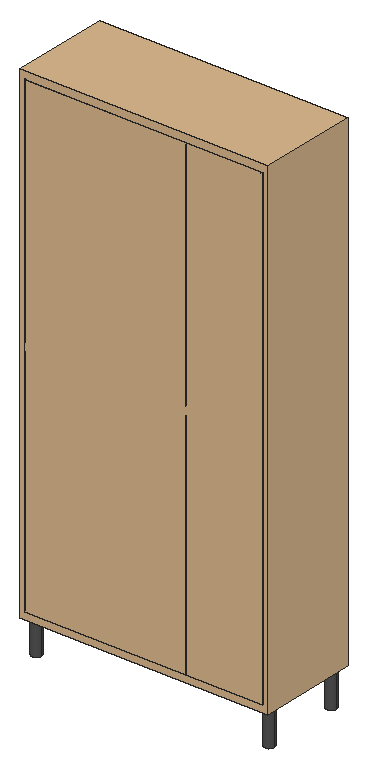
Revit family
Parameters (values of type "1000 x 400mm")
  URL = ""
  Model = ""
  Material Frame = Wood - Birch
  Keynote = "N"
  Description = "Shelving unit"
  Material Feet = Metal - Chrome
  Material Shelf = Wood - Birch
  Manufacturer = "Revit"
  Cost = 0
  Assembly Code = "E2020200"
Reference planes
  plane 1 "Centro A/I": y = 0
  plane 2: z = 0
  plane 3 "Centro S/D": x = 0
  plane 4: z = 1140
  plane 5: z = 1115
  plane 6: x = -150
  plane 7: x = -160
  plane 8: x = 170
  plane 9: x = 160
  plane 10: z = 1783.333
  plane 11: z = 1773.333
  plane 12: z = 1466.667
  plane 13: z = 1456.667
  plane 14: z = 790
  plane 15: z = 800
  plane 16: z = 485
  plane 17: z = 475
  plane 18: z = 2120
  plane 19: z = 140
Forms (mm)
  Extrusion 1, solid, material "Wood - Birch" <- "Material Frame"
    sketch origin (45.894, 0, 0) x (1, 0, 0) y (0, 1, 0)
      loop
        line (434.106, 208.575) -> (434.106, -191.425) -> (454.106, -191.425) -> (454.106, 208.575) -> (434.106, 208.575)
    from 170 to 2090
  Extrusion 2, solid, material "Wood - Birch" <- "Material Frame"
    sketch origin (-934.106, 0, 0) x (1, 0, 0) y (0, 1, 0)
      loop
        line (434.106, 208.575) -> (434.106, -191.425) -> (454.106, -191.425) -> (454.106, 208.575) -> (434.106, 208.575)
    from 170 to 2090
  Extrusion 3, solid, material "Wood - Birch" <- "Material Frame"
    sketch origin (45.894, 0, 0) x (1, 0, 0) y (0, 1, 0)
      loop
        line (-545.894, 208.575) -> (-545.894, -191.425) -> (454.106, -191.425) -> (454.106, 208.575) -> (-545.894, 208.575)
    from 140 to 170
  Extrusion 4, solid, material "Wood - Birch" <- "Material Frame"
    sketch origin (45.894, 0, 0) x (1, 0, 0) y (0, 1, 0)
      loop
        line (-545.894, 208.575) -> (-545.894, -191.425) -> (454.106, -191.425) -> (454.106, 208.575) -> (-545.894, 208.575)
    from 2090 to 2120
  Extrusion 5, solid, material "Metal - Chrome" <- "Material Feet"
    sketch origin (70.514, -4.341, 0) x (1, 0, 0) y (0, 1, 0)
      loop
        circle (398.427, -142.477) r 20
    from 0 to 140
  Extrusion 6, solid, material "Metal - Chrome" <- "Material Feet"
    sketch origin (70.514, 24.341, 0) x (1, 0, 0) y (0, 1, 0)
      loop
        circle (398.427, 142.477) r 20
    from 0 to 140
  Extrusion 7, solid, material "Metal - Chrome" <- "Material Feet"
    sketch origin (-70.514, -4.341, 0) x (-1, 0, 0) y (0, -1, 0)
      loop
        circle (398.427, 142.477) r 20
    from 0 to 140
  Extrusion 8, solid, material "Metal - Chrome" <- "Material Feet"
    sketch origin (-70.514, 24.341, 0) x (-1, 0, 0) y (0, -1, 0)
      loop
        circle (398.427, -142.477) r 20
    from 0 to 140
  Extrusion 9, solid, material "Wood - Birch" <- "Material Frame"
    sketch origin (45.894, 0, 0) x (1, 0, 0) y (0, 1, 0)
      loop
        line (-525.894, 208.575) -> (-525.894, -191.425) -> (434.106, -191.425) -> (434.106, 208.575) -> (-525.894, 208.575)
    from 1115 to 1140
  Extrusion 10, solid, material "Wood - Birch" <- "Material Shelf"
    sketch origin (45.894, 0, 120) x (1, 0, 0) y (0, 1, 0)
      loop
        line (-205.894, 194.228) -> (-205.894, -191.425) -> (-195.894, -191.425) -> (-195.894, 194.228) -> (-205.894, 194.228)
    from 1020 to 1970
  Extrusion 11, solid, material "Wood - Birch" <- "Material Shelf"
    sketch origin (365.894, 0, 120) x (1, 0, 0) y (0, 1, 0)
      loop
        line (-205.894, 194.228) -> (-205.894, -191.425) -> (-195.894, -191.425) -> (-195.894, 194.228) -> (-205.894, 194.228)
    from 1020 to 1970
  Extrusion 12, solid, material "Wood - Birch" <- "Material Shelf"
    sketch origin (45.894, 0, -940) x (1, 0, 0) y (0, 1, 0)
      loop
        line (-205.894, 194.228) -> (-205.894, -191.425) -> (-195.894, -191.425) -> (-195.894, 194.228) -> (-205.894, 194.228)
    from 1110 to 2050
  Extrusion 13, solid, material "Wood - Birch" <- "Material Shelf"
    sketch origin (365.894, 0, -940) x (1, 0, 0) y (0, 1, 0)
      loop
        line (-205.894, 194.228) -> (-205.894, -191.425) -> (-195.894, -191.425) -> (-195.894, 194.228) -> (-205.894, 194.228)
    from 1110 to 2050
  Extrusion 14, solid, material "Wood - Birch" <- "Material Shelf"
    sketch origin (195.894, 0, 120) x (1, 0, 0) y (0, 1, 0)
      loop
        line (-25.894, 180) -> (-25.894, -186.276) -> (284.106, -186.276) -> (284.106, 180) -> (-25.894, 180)
    from 1653.333 to 1663.333
  Extrusion 15, solid, material "Wood - Birch" <- "Material Shelf"
    sketch origin (-124.106, 0, 120) x (1, 0, 0) y (0, 1, 0)
      loop
        line (-25.894, 180) -> (-25.894, -186.276) -> (284.106, -186.276) -> (284.106, 180) -> (-25.894, 180)
    from 1653.333 to 1663.333
  Extrusion 16, solid, material "Wood - Birch" <- "Material Shelf"
    sketch origin (-444.106, 0, 120) x (1, 0, 0) y (0, 1, 0)
      loop
        line (-25.894, 180) -> (-25.894, -186.276) -> (284.106, -186.276) -> (284.106, 180) -> (-25.894, 180)
    from 1653.333 to 1663.333
  Extrusion 17, solid, material "Wood - Birch" <- "Material Shelf"
    sketch origin (195.894, 0, -200) x (1, 0, 0) y (0, 1, 0)
      loop
        line (-25.894, 180) -> (-25.894, -186.276) -> (284.106, -186.276) -> (284.106, 180) -> (-25.894, 180)
    from 1656.667 to 1666.667
  Extrusion 18, solid, material "Wood - Birch" <- "Material Shelf"
    sketch origin (-124.106, 0, -200) x (1, 0, 0) y (0, 1, 0)
      loop
        line (-25.894, 180) -> (-25.894, -186.276) -> (284.106, -186.276) -> (284.106, 180) -> (-25.894, 180)
    from 1656.667 to 1666.667
  Extrusion 19, solid, material "Wood - Birch" <- "Material Shelf"
    sketch origin (-444.106, 0, -200) x (1, 0, 0) y (0, 1, 0)
      loop
        line (-25.894, 180) -> (-25.894, -186.276) -> (284.106, -186.276) -> (284.106, 180) -> (-25.894, 180)
    from 1656.667 to 1666.667
  Extrusion 20, solid, material "Wood - Birch" <- "Material Shelf"
    sketch origin (195.894, 0, -870) x (1, 0, 0) y (0, 1, 0)
      loop
        line (-25.894, 180) -> (-25.894, -186.276) -> (284.106, -186.276) -> (284.106, 180) -> (-25.894, 180)
    from 1660 to 1670
  Extrusion 21, solid, material "Wood - Birch" <- "Material Shelf"
    sketch origin (-124.106, 0, -870) x (1, 0, 0) y (0, 1, 0)
      loop
        line (-25.894, 180) -> (-25.894, -186.276) -> (284.106, -186.276) -> (284.106, 180) -> (-25.894, 180)
    from 1660 to 1670
  Extrusion 22, solid, material "Wood - Birch" <- "Material Shelf"
    sketch origin (-444.106, 0, -870) x (1, 0, 0) y (0, 1, 0)
      loop
        line (-25.894, 180) -> (-25.894, -186.276) -> (284.106, -186.276) -> (284.106, 180) -> (-25.894, 180)
    from 1660 to 1670
  Extrusion 23, solid, material "Wood - Birch" <- "Material Shelf"
    sketch origin (195.894, 0, -1190) x (1, 0, 0) y (0, 1, 0)
      loop
        line (-25.894, 180) -> (-25.894, -186.276) -> (284.106, -186.276) -> (284.106, 180) -> (-25.894, 180)
    from 1665 to 1675
  Extrusion 24, solid, material "Wood - Birch" <- "Material Shelf"
    sketch origin (-124.106, 0, -1190) x (1, 0, 0) y (0, 1, 0)
      loop
        line (-25.894, 180) -> (-25.894, -186.276) -> (284.106, -186.276) -> (284.106, 180) -> (-25.894, 180)
    from 1665 to 1675
  Extrusion 25, solid, material "Wood - Birch" <- "Material Shelf"
    sketch origin (-444.106, 0, -1190) x (1, 0, 0) y (0, 1, 0)
      loop
        line (-35.894, 180) -> (-35.894, -186.276) -> (284.106, -186.276) -> (284.106, 180) -> (-35.894, 180)
    from 1665 to 1675
  Extrusion 26, solid, material "Wood - Birch" <- "Material Shelf"
    sketch origin (-114.106, -3, 0) x (1, 0, 0) y (0, 1, 0)
      loop
        line (-365.894, -188.425) -> (-365.894, -191.425) -> (594.106, -191.425) -> (594.106, -188.425) -> (-365.894, -188.425)
    from 170 to 2090
Cuts and joins
  joined: Extrusion 1, Extrusion 2, Extrusion 3, Extrusion 4, Extrusion 9
Lines and regions (mm)
  Masking region 1
    outline origin (0, 0, 0) x (1, 0, 0) y (0, 1, 0)
      loop
        line (-500, 208.575) -> (-500, -191.425) -> (500, -191.425) -> (500, 208.575) -> (-500, 208.575)
  sketch lines
    curve 1: line (-2000, 2000, 0) -> (2000, 2000, 0)
    curve 2: line (-2000, 2000, 0) -> (-2000, -2000, 0)
    curve 3: line (-2000, -2000, 0) -> (2000, -2000, 0)
    curve 4: line (2000, 2000, 0) -> (2000, -2000, 0)
  symbolic lines
    curve 5: line (-500, 208.575, 0) -> (500, 208.575, 0)
    curve 6: line (-500, -191.425, 0) -> (-500, 208.575, 0)
    curve 7: line (500, -191.425, 0) -> (-500, -191.425, 0)
    curve 8: line (500, 208.575, 0) -> (500, -191.425, 0)
Dimensions and locks
  plane 18 to level = 2120 mm
  locked: plane 19 to level at 140
  equal spacing: Extrusion 26, plane 5, plane 19
  locked: plane 18 to Extrusion 26 at 30
  locked: Extrusion 26 to plane 19 at 30
  equal spacing: plane 5, plane 15, plane 16, Extrusion 26
  locked: plane 4 to plane 5 at 25
  equal spacing: Extrusion 26, plane 11, plane 13, plane 4
  Extrusion 2 to Extrusion 1 = 1000 mm
  locked: Extrusion 2 to Extrusion 26 at 20
  locked: Extrusion 1 to Extrusion 26 at 20
  aligned and locked: curve 5 to Extrusion 2
  aligned and locked: curve 5 to Extrusion 3
  aligned and locked: Extrusion 3 to curve 8
  aligned and locked: curve 8 to Extrusion 1
  aligned and locked: plane 5 to Extrusion 9
  aligned and locked: Extrusion 9 to plane 4
  aligned and locked: Extrusion 21 to plane 15
  aligned and locked: plane 14 to Extrusion 21
  aligned and locked: Extrusion 20 to plane 15
  aligned and locked: plane 14 to Extrusion 20
  aligned and locked: Extrusion 22 to plane 15
  aligned and locked: plane 14 to Extrusion 22
  aligned and locked: Extrusion 25 to plane 16
  aligned and locked: Extrusion 24 to plane 16
  aligned and locked: Extrusion 23 to plane 16
  aligned and locked: plane 17 to Extrusion 25
  aligned and locked: plane 17 to Extrusion 24
  aligned and locked: plane 17 to Extrusion 23
  aligned and locked: plane 13 to Extrusion 19
  aligned and locked: plane 13 to Extrusion 18
  aligned and locked: plane 13 to Extrusion 17
  aligned and locked: Extrusion 17 to plane 12
  aligned and locked: Extrusion 18 to plane 12
  aligned and locked: Extrusion 19 to plane 12
  aligned and locked: plane 11 to Extrusion 14
  aligned and locked: plane 11 to Extrusion 15
  aligned and locked: plane 11 to Extrusion 16
  aligned and locked: Extrusion 14 to plane 10
  aligned and locked: Extrusion 15 to plane 10
  aligned and locked: Extrusion 16 to plane 10
  aligned and locked: plane 7 to Extrusion 10
  aligned and locked: plane 7 to Extrusion 12
  aligned and locked: Extrusion 12 to plane 6
  aligned and locked: Extrusion 10 to plane 6
  aligned and locked: plane 9 to Extrusion 11
  aligned and locked: plane 9 to Extrusion 13
  aligned and locked: Extrusion 13 to plane 8
  aligned and locked: Extrusion 11 to plane 8
  aligned and locked: Extrusion 25 to Extrusion 2
  aligned and locked: Extrusion 25 to plane 7
  aligned and locked: plane 6 to Extrusion 24
  aligned and locked: Extrusion 24 to plane 9
  aligned: Masking region 1 sketch curve to cut or joined group of Extrusion 1, Extrusion 2, Extrusion 3, Extrusion 4, Extrusion 9
Automatic sketch dimensions
  curve 2 to curve 3 = 4000 mm
  curve 2 to curve 2 = 4000 mm
  plane 3 "Centro S/D" to Extrusion 1 sketch curve = 480 mm
  Extrusion 1 sketch curve to Extrusion 1 sketch curve = 20 mm
  plane 1 "Centro A/I" to Extrusion 1 sketch curve = 191.425 mm
  Extrusion 1 sketch curve to plane 1 "Centro A/I" = 208.575 mm
  plane 1 "Centro A/I" to Extrusion 2 sketch curve = 191.425 mm
  Extrusion 2 sketch curve to plane 3 "Centro S/D" = 500 mm
  Extrusion 2 sketch curve to Extrusion 2 sketch curve = 20 mm
  Extrusion 2 sketch curve to plane 1 "Centro A/I" = 208.575 mm
  plane 1 "Centro A/I" to Extrusion 3 sketch curve = 191.425 mm
  Extrusion 3 sketch curve to plane 3 "Centro S/D" = 500 mm
  plane 3 "Centro S/D" to Extrusion 3 sketch curve = 500 mm
  Extrusion 3 sketch curve to plane 1 "Centro A/I" = 208.575 mm
  plane 1 "Centro A/I" to Extrusion 4 sketch curve = 191.425 mm
  Extrusion 4 sketch curve to plane 3 "Centro S/D" = 500 mm
  plane 3 "Centro S/D" to Extrusion 4 sketch curve = 500 mm
  Extrusion 4 sketch curve to plane 1 "Centro A/I" = 208.575 mm
  plane 3 "Centro S/D" to Extrusion 5 sketch curve = 448.941 mm
  Extrusion 5 sketch curve to Extrusion 5 sketch curve = 20 mm
  plane 1 "Centro A/I" to Extrusion 5 sketch curve = 146.819 mm
  plane 3 "Centro S/D" to Extrusion 6 sketch curve = 448.941 mm
  Extrusion 6 sketch curve to Extrusion 6 sketch curve = 20 mm
  Extrusion 6 sketch curve to plane 1 "Centro A/I" = 166.819 mm
  plane 1 "Centro A/I" to Extrusion 7 sketch curve = 146.819 mm
  Extrusion 7 sketch curve to plane 3 "Centro S/D" = 448.941 mm
  Extrusion 7 sketch curve to Extrusion 7 sketch curve = 20 mm
  Extrusion 8 sketch curve to plane 1 "Centro A/I" = 166.819 mm
  Extrusion 8 sketch curve to plane 3 "Centro S/D" = 448.941 mm
  Extrusion 8 sketch curve to Extrusion 8 sketch curve = 20 mm
  plane 1 "Centro A/I" to Extrusion 9 sketch curve = 191.425 mm
  Extrusion 9 sketch curve to plane 3 "Centro S/D" = 480 mm
  plane 3 "Centro S/D" to Extrusion 9 sketch curve = 480 mm
  Extrusion 9 sketch curve to plane 1 "Centro A/I" = 208.575 mm
  plane 7 to Extrusion 10 sketch curve = 0 mm
  plane 8 to Extrusion 10 sketch curve = 320 mm
  plane 1 "Centro A/I" to Extrusion 10 sketch curve = 191.425 mm
  Extrusion 10 sketch curve to plane 1 "Centro A/I" = 194.228 mm
  Extrusion 11 sketch curve to plane 9 = 0 mm
  Extrusion 11 sketch curve to plane 8 = 0 mm
  plane 1 "Centro A/I" to Extrusion 11 sketch curve = 191.425 mm
  Extrusion 11 sketch curve to plane 1 "Centro A/I" = 194.228 mm
  Extrusion 12 sketch curve to plane 7 = 0 mm
  Extrusion 12 sketch curve to plane 6 = 0 mm
  plane 1 "Centro A/I" to Extrusion 12 sketch curve = 191.425 mm
  Extrusion 12 sketch curve to plane 1 "Centro A/I" = 194.228 mm
  Extrusion 13 sketch curve to plane 9 = 0 mm
  Extrusion 13 sketch curve to plane 8 = 0 mm
  plane 1 "Centro A/I" to Extrusion 13 sketch curve = 191.425 mm
  Extrusion 13 sketch curve to plane 1 "Centro A/I" = 194.228 mm
  plane 3 "Centro S/D" to Extrusion 14 sketch curve = 480 mm
  Extrusion 14 sketch curve to Extrusion 14 sketch curve = 310 mm
  plane 1 "Centro A/I" to Extrusion 14 sketch curve = 186.276 mm
  Extrusion 14 sketch curve to plane 1 "Centro A/I" = 180 mm
  Extrusion 15 sketch curve to Extrusion 15 sketch curve = 310 mm
  Extrusion 16 sketch curve to plane 7 = 0 mm
  plane 7 to Extrusion 16 sketch curve = 310 mm
  plane 1 "Centro A/I" to Extrusion 16 sketch curve = 186.276 mm
  Extrusion 16 sketch curve to plane 1 "Centro A/I" = 180 mm
  Extrusion 17 sketch curve to plane 8 = 0 mm
  Extrusion 17 sketch curve to Extrusion 17 sketch curve = 310 mm
  plane 1 "Centro A/I" to Extrusion 17 sketch curve = 186.276 mm
  Extrusion 17 sketch curve to plane 1 "Centro A/I" = 180 mm
  Extrusion 18 sketch curve to plane 6 = 0 mm
  Extrusion 18 sketch curve to plane 9 = 0 mm
  plane 1 "Centro A/I" to Extrusion 18 sketch curve = 186.276 mm
  Extrusion 18 sketch curve to plane 1 "Centro A/I" = 180 mm
  Extrusion 19 sketch curve to plane 7 = 0 mm
  plane 7 to Extrusion 19 sketch curve = 310 mm
  plane 1 "Centro A/I" to Extrusion 19 sketch curve = 186.276 mm
  Extrusion 19 sketch curve to plane 1 "Centro A/I" = 180 mm
  Extrusion 20 sketch curve to plane 8 = 0 mm
  Extrusion 20 sketch curve to Extrusion 20 sketch curve = 310 mm
  plane 1 "Centro A/I" to Extrusion 20 sketch curve = 186.276 mm
  Extrusion 20 sketch curve to plane 1 "Centro A/I" = 180 mm
  Extrusion 21 sketch curve to plane 6 = 0 mm
  Extrusion 21 sketch curve to plane 9 = 0 mm
  plane 1 "Centro A/I" to Extrusion 21 sketch curve = 186.276 mm
  Extrusion 21 sketch curve to plane 1 "Centro A/I" = 180 mm
  Extrusion 22 sketch curve to plane 7 = 0 mm
  plane 7 to Extrusion 22 sketch curve = 310 mm
  plane 1 "Centro A/I" to Extrusion 22 sketch curve = 186.276 mm
  Extrusion 22 sketch curve to plane 1 "Centro A/I" = 180 mm
  Extrusion 23 sketch curve to plane 8 = 0 mm
  Extrusion 23 sketch curve to Extrusion 23 sketch curve = 310 mm
  plane 1 "Centro A/I" to Extrusion 23 sketch curve = 186.276 mm
  Extrusion 23 sketch curve to plane 1 "Centro A/I" = 180 mm
  Extrusion 24 sketch curve to plane 6 = 0 mm
  Extrusion 24 sketch curve to plane 9 = 0 mm
  plane 1 "Centro A/I" to Extrusion 24 sketch curve = 186.276 mm
  Extrusion 24 sketch curve to plane 1 "Centro A/I" = 180 mm
  Extrusion 25 sketch curve to plane 7 = 0 mm
  plane 7 to Extrusion 25 sketch curve = 320 mm
  plane 1 "Centro A/I" to Extrusion 25 sketch curve = 186.276 mm
  Extrusion 25 sketch curve to plane 1 "Centro A/I" = 180 mm
  plane 8 to Extrusion 26 sketch curve = 650 mm
  Extrusion 26 sketch curve to Extrusion 26 sketch curve = 960 mm
  plane 1 "Centro A/I" to Extrusion 26 sketch curve = 194.425 mm
  plane 1 "Centro A/I" to Extrusion 26 sketch curve = 191.425 mm
  plane 7 to Masking region 1 sketch curve = 340 mm
  Masking region 1 sketch curve to plane 8 = 330 mm
  plane 1 "Centro A/I" to Masking region 1 sketch curve = 191.425 mm
  Masking region 1 sketch curve to plane 1 "Centro A/I" = 208.575 mm
